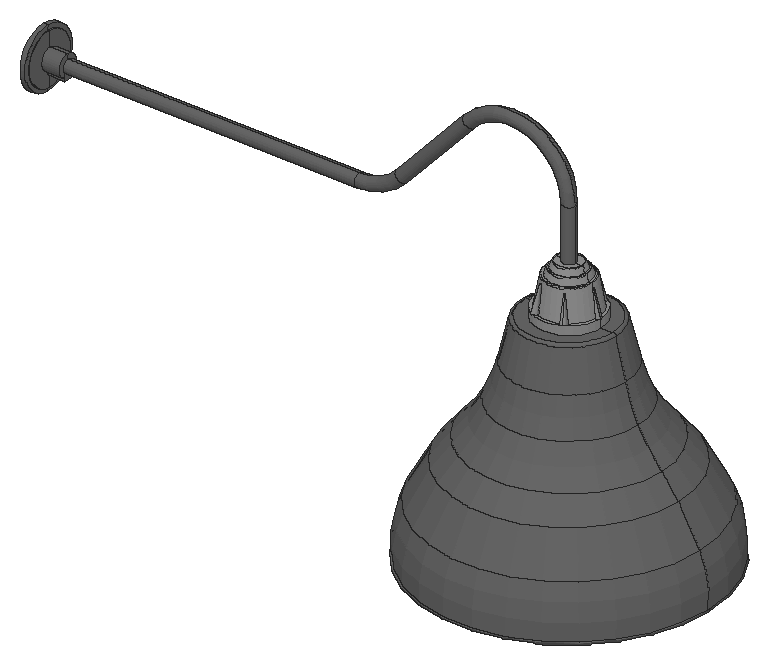
Revit family "Vintage Bistro BEU", category Lighting Fixtures, Revit 2020
Family settings
  Round Connector Dimension = Use Diameter
  Part Type = Normal
  OmniClass Number = 23.80.70.00
  OmniClass Title = Lighting
  Work Plane-Based = No
  Always vertical = Yes
  Cut with Voids When Loaded = No
  Light Source = Yes
  Shared = No
  Room Calculation Point = No
Parameters (values of type "BEU22")
  b = 0' - 3"
  a = 1' - 6"
  Weight = "7.2 lbs"
  Wattage Comments = "200W"
  Wattage = 9.2903 W
  Warranty = "5 year limited warranty"  # constant formula
  built-in parameter 1150110 = 1 (stored number, unit not read)
  Voltage = 120 V
  URL = "https://www.anplighting.com/assets/Uploads/product-attachments/specification-sheets/ANP-Specification-Sheet-INC-BEU22.pdf"
  built-in parameter 1114217 = 1 (stored number, unit not read)
  Tilt Angle = 90.00°
  built-in parameter 1150109 = 1 (stored number, unit not read)
  built-in parameter 1150134 = 3
  built-in parameter 1150113 = 1 (stored number, unit not read)
  Photometric Web File = "generic"
  built-in parameter 1150142 = (empty or 0)
  Mounting Option [instance] = 4
  Power Factor = 1
  Post Mount [instance] = Mounting Option = 5  # no
  Placement X axis side [instance] = if(Post Mount, 2' 2 15/32", if(Cord or Stem Mount, 0' 0", if(E36 20 inch, 1' 8 1/4", if(E 6 26 inch, 2' 2", if(E7 41 inch, 3' 5 1/4", 0' 1")))))  # 3' - 5 1/4"
  Model = "BEU22"
  Manufacturer = "ANP Lighting"  # constant formula
  built-in parameter 1150105 = 109.82 (stored number, unit not read)
  Lumens = 1380 lm
  built-in parameter 1150115 = 1 (stored number, unit not read)
  Load Classification = Lighting
  Light Source Height [instance] = 0' - 0"
  built-in parameter 1150137 = (empty or 0)
  built-in parameter 1150139 = (empty or 0)
  Light Elevation _2 [instance] = if(Post Mount, 0' 0.66142", if(E7 41 inch, 0' 0.66142", if(E36 20 inch, 0' 1.65748", if(E 6 26 inch, 0' 1.53543", if(Cord or Stem Mount, (0' 4.3622" + Cord Length), 0' 0")))))  # 0' - 0.66142"
  Light Elevation _1 [instance] = if(Post Mount, 0' 0", if(E7 41 inch, 0' 0", if(E36 20 inch, 0' 1", if(E 6 26 inch, 0' 0.87402", if(Cord or Stem Mount, (0' 3.66142" + Cord Length), 0' 0")))))  # 0' - 0"
  Light Elevation [instance] = if(Post Mount, 14' 0.5315", if(E7 41 inch, 0' 0", 0' 0"))  # 0' - 0"
  Life = "L70 50,000 hours"  # constant formula
  built-in parameter 1150112 = 1 (stored number, unit not read)
  built-in parameter 1150114 = 1 (stored number, unit not read)
  Lamp = "MB"
  built-in parameter 1150132 = (empty or 0)
  built-in parameter 1150102 = (empty or 0)
  built-in parameter 1150107 = 3200 (stored number, unit not read)
  built-in parameter 1150138 = (empty or 0)
  built-in parameter 1150106 = 1.0982 (stored number, unit not read)
  HUB = Putty
  Fixture Height = 1' - 8 7/8"
  Fixture Diameter = 1' - 10"
  Efficiency = "65-125 lumens per watt"  # constant formula
  built-in parameter 1150104 = 13.8 (stored number, unit not read)
  E7 41 inch [instance] = Mounting Option = 4  # yes
  E36 20 inch [instance] = Mounting Option = 3  # no
  E 6 26 inch [instance] = Mounting Option = 2  # no
  Dimming Lamp Color Temperature Shift = <None>
  Dimming = "1%"  # constant formula
  Description = "120-277 Voltage"  # constant formula
  Default Elevation = 0' - 0"
  Cord or Stem Mount [instance] = Mounting Option = 1  # no
  Cord Length option [instance] = 0
  Cord Length [instance] = if([2' Cord], 2' 0", if([4' Cord], 4' 0", if([8' Cord], 8' 0", if([10' Cord], 10' 0", if([6' Cord], 6' 0", 6' 0")))))  # 6' - 0"
  Construction Material = "Heavy Duty spun aluminum."  # constant formula
  Color Filter = 16777215
  Canopy Body = Copper Clay
  CRI = ">90"  # constant formula
  Body Material = Copper Clay
  Body Colour = "Spun aluminium"  # constant formula
  built-in parameter 1114218 = 1 (stored number, unit not read)
  BEU22 = yes
  BEU20 = no
  BEU18 = no
  BEU15 = no
  BEU13 = no
  built-in parameter 1150133 = 10 (stored number, unit not read)
  Apparent Load = 200 VA
  8' Cord [instance] = Cord Length option = 8  # no
  6' Cord [instance] = Cord Length option = 6  # no
  4' Cord [instance] = Cord Length option = 4  # no
  2' Cord [instance] = Cord Length option = 2  # no
  10' Cord [instance] = Cord Length option = 10  # no
Reference planes (in)
  plane 1 "Light Source Axis (F/B)": y = 0
  plane 2: z = 0
  plane 3 "Light Source Axis (L/R)": x = 0
  plane 4 "Light Source Elevation": z = 0
  plane 5: z = 0
  plane 6: x = 41.25
  plane 7 "Bulb Position": z = -0.66142
  plane 8 "Canopy Position": z = 0
  plane 9 "IES": z = -0.66142
  plane 10: z = 164.5315
  plane 11: z = -18
  plane 12: z = -15
  plane 13: z = -12.56887
Dimensions and locks (in)
  "Light Elevation": plane 5 to plane 2
  "Placement X axis side": plane 6 to plane 3 "Light Source Axis (L/R)"
  "Light Elevation _2": plane 5 to plane 7 "Bulb Position"
  "Light Elevation _1": plane 5 to plane 8 "Canopy Position"
  "Light Source Height": plane 7 "Bulb Position" to plane 9 "IES"
  plane 4 "Light Source Elevation" to plane 2 = 0' - 0"
  "a": plane 8 "Canopy Position" to plane 11
  "b": plane 12 to plane 11
  locked: plane 13 to plane 12 at 2.43113
  aligned and locked: level to plane 2
  aligned and locked: plane 1 "Light Source Axis (F/B)" to nested 5
  aligned and locked: nested 5 to plane 2
  aligned and locked: nested 1 to plane 3 "Light Source Axis (L/R)"
  aligned and locked: plane 3 "Light Source Axis (L/R)" to nested 2
  aligned and locked: plane 3 "Light Source Axis (L/R)" to nested 4
  aligned and locked: nested 3 to plane 5
  aligned and locked: plane 3 "Light Source Axis (L/R)" to nested 3
  aligned and locked: plane 3 "Light Source Axis (L/R)" to nested 5
  aligned and locked: plane 1 "Light Source Axis (F/B)" to nested 2
  aligned and locked: plane 1 "Light Source Axis (F/B)" to nested 1
  aligned and locked: plane 1 "Light Source Axis (F/B)" to nested 4
  aligned and locked: plane 1 "Light Source Axis (F/B)" to nested 3
  aligned and locked: plane 2 to nested 1
  aligned and locked: nested 2 to plane 2
  aligned and locked: nested 4 to plane 2
  aligned and locked: plane 6 to imposter light
  aligned and locked: imposter light to plane 12
  aligned and locked: plane 1 "Light Source Axis (F/B)" to nested 6
  aligned and locked: plane 6 to nested 6
  aligned and locked: plane 8 "Canopy Position" to nested 6
  aligned and locked: plane 1 "Light Source Axis (F/B)" to nested 7
  aligned and locked: plane 6 to nested 7
  aligned and locked: nested 7 to plane 8 "Canopy Position"
  aligned and locked: plane 1 "Light Source Axis (F/B)" to nested 8
  aligned and locked: plane 6 to nested 8
  aligned and locked: plane 8 "Canopy Position" to nested 8
  aligned and locked: plane 1 "Light Source Axis (F/B)" to nested 9
  aligned and locked: plane 1 "Light Source Axis (F/B)" to nested 10
  aligned and locked: plane 6 to nested 10
  aligned and locked: plane 8 "Canopy Position" to nested 10
  aligned and locked: plane 6 to nested 9
  aligned and locked: plane 8 "Canopy Position" to nested 9
Nested families (in)
  nested 1: "CORD OR STEM MOUNT" at (0, 0, -75.67), visible <- "Cord or Stem Mount", Cord or Stem Mount <- "Cord or Stem Mount", Body Material <- "Body Material", Light Elevation <- "Light Elevation", Cord Length <- "Cord Length", 10' Cord <- "10' Cord", 2' Cord <- "2' Cord", 4' Cord <- "4' Cord", 6' Cord <- "6' Cord", 8' Cord <- "8' Cord", type "CORD OR STEM MOUNT"
    with Light Elevation 0' - 0", Cord or Stem Mount no, Cord Length 6' - 0", Body Material Copper Clay, 8' Cord no, 6' Cord no, 4' Cord no, 2' Cord no, 10' Cord no
  nested 2: "E6 26 INCH" at (41.25, 0, 0), visible <- "E 6 26 inch", Chain Length <- "Cord Length", E 6 26 inch <- "E 6 26 inch", Placement X axis side <- "Placement X axis side", Body Material <- "Body Material", Light Elevation <- "Light Elevation", type "E6 26 INCH"
    with Placement X axis side 3' - 5 1/4", Light Elevation 0' - 0", E 6 26 inch no, Chain Length 6' - 0", Body Material Copper Clay
  nested 3: "E7 41 INCH" at (41.25, 0, 0), Chain Length <- "Cord Length", visible <- "E7 41 inch", E7 41 inch <- "E7 41 inch", Placement X axis side <- "Placement X axis side", Body Material <- "Body Material", Light Elevation <- "Light Elevation", type "E7 41 INCH"
    with Placement X axis side 3' - 5 1/4", Light Elevation 0' - 0", E7 41 inch yes, Chain Length 6' - 0", Body Material Copper Clay
  nested 4: "E36 20 INCH" at (41.25, 0, 0), visible <- "E36 20 inch", E36 20 inch <- "E36 20 inch", Placement X axis side <- "Placement X axis side", Chain Length <- "Cord Length", Body Material <- "Body Material", Light Elevation <- "Light Elevation", type "E36 20 INCH"
    with Placement X axis side 3' - 5 1/4", Light Elevation 0' - 0", E36 20 inch no, Chain Length 6' - 0", Body Material Copper Clay
  nested 5: "POST MOUNT" at (41.25, 0, 0), visible <- "Post Mount", Post Mount <- "Post Mount", Placement X axis side <- "Placement X axis side", Chain Length <- "Cord Length", Body Material <- "Body Material", Light Elevation <- "Light Elevation", type "POST MOUNT"
    with Post Mount no, Placement X axis side 3' - 5 1/4", Light Elevation 0' - 0", Chain Length 6' - 0", Body Material Copper Clay
  nested 6: "BEU13_1" at (41.25, 0, 0), BEU13 <- "BEU13", visible <- "BEU13", Body <- "Canopy Body", HUB <- "HUB", Light Elevation <- "Light Elevation", type "BEU13_1"
    with Light Elevation 0' - 0", HUB Putty, Body Copper Clay, BEU13 no
  nested 7: "BEU15_1" at (41.25, 0, 0), BEU15 <- "BEU15", visible <- "BEU15", Body <- "Canopy Body", HUB <- "HUB", Light Elevation <- "Light Elevation", type "BEU15_1"
    with Light Elevation 0' - 0", HUB Putty, Body Copper Clay, BEU15 no
  nested 8: "BEU18_1" at (41.25, 0, 0), Body <- "Canopy Body", HUB <- "HUB", visible <- "BEU18", BEU18 <- "BEU18", Light Elevation <- "Light Elevation", type "BEU18_1"
    with Light Elevation 0' - 0", HUB Putty, Body Copper Clay, BEU18 no
  nested 9: "BEU20_1" at (41.25, 0, 0), Body <- "Canopy Body", HUB <- "HUB", visible <- "BEU20", BEU20 <- "BEU20", Light Elevation <- "Light Elevation", type "BEU20_1"
    with Light Elevation 0' - 0", HUB Putty, Body Copper Clay, BEU20 no
  nested 10: "BEU22_1" at (41.25, 0, 0), BEU22 <- "BEU22", visible <- "BEU22", Body <- "Canopy Body", HUB <- "HUB", Light Elevation <- "Light Elevation", type "BEU22_1"
    with Light Elevation 0' - 0", HUB Putty, Body Copper Clay, BEU22 yes
Definition of nested family "E7 41 INCH"
  Parameters (values of type "E7 41 INCH")
    URL = ""
    Placement X axis side [instance] = 4' - 2"
    Model = ""
    Manufacturer = ""
    Light Elevation [instance] = 8' - 4"
    E7 41 inch [instance] = yes
    Default Elevation = 0' - 0"
    Chain Length [instance] = 0' - 0"
    Body Material [instance] = none
  Reference planes (in)
    plane 1 "Light Source Axis (F/B)": y = 0
    plane 2: z = 0
    plane 3 "Light Source Axis (L/R)": x = 0
    plane 4 "Light Source Elevation": z = 23.125
    plane 5: z = 100
    plane 6: x = -50
  Forms (in)
    Extrusion 1, void, not visible
      sketch origin (0, 0, 2.38154) x (1, 0, 0) y (0, 0, 1)
        loop
          circle (0, 4.59925) r 0.16583
      from 1.18594 to 1.75
    Extrusion 2, void, not visible
      sketch origin (0, 0, 2.38154) x (0.707107, -0.707107, 0) y (0, 0, 1)
        loop
          circle (0, 4.59925) r 0.16583
      from 1.18594 to 1.75
    Extrusion 3, void, not visible
      sketch origin (0, 0, 2.38154) x (0.707107, 0.707107, 0) y (0, 0, 1)
        loop
          circle (0, 4.59925) r 0.16583
      from 1.18594 to 1.75
    Extrusion 4, void, not visible
      sketch origin (0, 0, 2.38154) x (0, 1, 0) y (0, 0, 1)
        loop
          circle (0, 4.59925) r 0.16583
      from 1.18594 to 1.75
    Extrusion 5, void, not visible
      sketch origin (0, 0, 2.38154) x (-0.707107, 0.707107, 0) y (0, 0, 1)
        loop
          circle (0, 4.59925) r 0.16583
      from 1.18594 to 1.75
    Extrusion 6, void, not visible
      sketch origin (0, 0, 2.38154) x (-1, 0, 0) y (0, 0, 1)
        loop
          circle (0, 4.59925) r 0.20678
      from 1.18594 to 1.75
    Extrusion 7, void, not visible
      sketch origin (0, 0, 2.38154) x (-0.707107, -0.707107, 0) y (0, 0, 1)
        loop
          circle (0, 4.59925) r 0.16583
      from 1.18594 to 1.75
    Extrusion 8, void, not visible
      sketch origin (0, 0, 2.38154) x (0, -1, 0) y (0, 0, 1)
        loop
          circle (0, 4.59925) r 0.16583
      from 1.18594 to 1.75
    Revolve 9, solid, material <- "Body Material", visible <- "E7 41 inch"
      sketch origin (-41.25, 0, 168.39193) x (1, 0, 0) y (0, 0, 1)
        loop
          line (-8.75, -66.20443) -> (-8.75, -68.51693) -> (-6.87, -68.51693) -> (-6.87, -67.69272) -> (-8.2974, -67.69272) -> (-8.2974, -66.54122) -> (-8.41875, -66.54122) -> (-8.41875, -66.20443) -> (-8.75, -66.20443)
        axis (-8.75, -68.51693) -> (-6.87, -68.51693)
      angle from 0 to 360
    Extrusion 10, solid, material <- "Body Material", visible <- "E7 41 inch"
      sketch origin (-41.25, 0, 168.39193) x (0, -1, 0) y (0, 0, -1)
        loop
          line (0.25, 68.51693) -> (0.25, 69.51693) -> (-0.25, 69.51693) -> (-0.25, 68.51693) -> (0.25, 68.51693)
      from -8.2974 to -6.87
    Sweep 11, solid, material <- "Body Material", visible <- "E7 41 inch"
      path origin (-41.25, 0, 168.39193) x (1, 0, 0) y (0, 0, 1)
        loop
          line (-6.87, -68.51693) -> (16.04011, -68.51693)
          arc (16.04011, -68.51693) -> (17.864, -68.13651) -> (19.38375, -67.0587) r 4.5625
          line (19.38375, -67.0587) -> (24.70217, -61.33018)
          arc (24.70217, -61.33018) -> (29.64465, -60.20324) -> (32.5, -64.39193) r 4.5
          line (32.5, -64.39193) -> (32.5, -68.39193)
      profile origin (-36.66494, 0, 99.875) x (0, 0, 1) y (0, -1, 0)
        loop
          circle (0, 0) r 0.5
  Dimensions and locks (in)
    "Placement X axis side": plane 3 "Light Source Axis (L/R)" to plane 6
    "Light Elevation": plane 5 to plane 2
    locked: Revolve 9 sketch curve to Revolve 9 sketch curve at 0.33125
    locked: Revolve 9 sketch curve to Revolve 9 sketch curve at 0.4526
    locked: Revolve 9 sketch curve to Revolve 9 sketch curve at 1.88
    locked: Revolve 9 sketch curve to Revolve 9 sketch curve at 0.82421
    locked: Revolve 9 sketch curve to Revolve 9 sketch curve at 1.1515
    locked: Revolve 9 sketch curve to Revolve 9 sketch curve at 0.33679
    locked: plane 5 to Revolve 9 sketch curve at 0.125
    locked: Extrusion 10 sketch curve to Extrusion 10 sketch curve at 0.5
    locked: Extrusion 10 sketch curve to Extrusion 10 sketch curve at 1
    locked: plane 5 to Extrusion 10 sketch curve at 0.125
    locked: plane 5 to Sweep 11 sketch curve at 0.125
    locked: Sweep 11 sketch curve to Sweep 11 sketch curve at 39.37
    locked: Sweep 11 sketch curve to Sweep 11 sketch curve at 4
    locked: plane 6 to Extrusion 10 at 0.4526
    locked: Sweep 11 sketch curve to plane 6 at 1.88
    locked: Extrusion 10 to Extrusion 10 at 1.4274
    aligned and locked: plane 2 to level
    aligned and locked: Revolve 9 sketch curve to plane 6
  Automatic sketch dimensions
    Revolve 9 sketch curve to plane 5 = 0' - 0 1/8"
    plane 6 to Revolve 9 sketch curve = 0' - 0.62562"
    Revolve 9 sketch curve to Revolve 9 sketch curve = 0' - 0 1/2"
    plane 1 "Light Source Axis (F/B)" to Extrusion 10 sketch curve = 0' - 0 1/4"
    Sweep 11 sketch curve to plane 5 = 0' - 0"
    Sweep 11 sketch curve to Sweep 11 sketch curve = 0' - 4 1/2"
    Sweep 11 sketch curve to Sweep 11 sketch curve = 0' - 3.29783"
    plane 5 to Sweep 11 sketch curve = 0' - 1.33323"
    Sweep 11 sketch curve to Sweep 11 sketch curve = 0' - 5.31842"
    Sweep 11 sketch curve to Sweep 11 sketch curve = 0' - 3.34364"
    profile plane to Sweep 11 sketch curve = 0' - 0"
    Sweep 11 sketch curve to profile plane = 0' - 0"
    radius of Sweep 11 sketch curve = 0' - 0 1/2"
Definition of nested family "BEU22_1"
  Parameters (values of type "BEU22_1")
    Light Elevation [instance] = 4' - 0"
    HUB [instance] = none
    Default Elevation = 0' - 0"
    Body [instance] = none
    BEU22 [instance] = yes
  Reference planes (in)
    plane 1 "Center (Front/Back)": y = 0
    plane 2: z = 0
    plane 3 "Center (Left/Right)": x = 0
    plane 4: z = 48
  Dimensions and locks (in)
    "Light Elevation": plane 4 to plane 2
    aligned and locked: plane 2 to level
    aligned and locked: plane 1 "Center (Front/Back)" to nested 1
    aligned and locked: plane 3 "Center (Left/Right)" to nested 1
    aligned and locked: plane 4 to nested 1
  Nested families (in)
    nested 1: "BEU22" at (0, 0, 27.125), visible <- "BEU22", SHADE <- "Body", HUB <- "HUB", BEU22 <- "BEU22", type "BEU22"
      with SHADE none, HUB none
  Definition of nested family "BEU22"
    Parameters (values of type "BEU22")
      SHADE [instance] = none
      HUB [instance] = none
      Default Elevation = 0' - 0"
      BEU22 [instance] = yes
    Reference planes (in)
      plane 1 "Center (Front/Back)": y = 0
      plane 2: z = 0
      plane 3 "Center (Left/Right)": x = 0
      plane 4: z = 20.875
    Forms (in)
      Revolve 1, solid, material <- "HUB", visible <- "BEU22"
        sketch origin (0, 0, 14.67157) x (1, 0, 0) y (0, 0, 1)
          loop
            arc (-1.00347, 6.20343) -> (-1.02497, 6.19717) -> (-1.03973, 6.18034) r 0.04
            line (-1.03973, 6.18034) -> (-1.23654, 5.75827) -> (-1.36493, 5.75827)
            arc (-1.36493, 5.75827) -> (-1.38787, 5.75104) -> (-1.40252, 5.73195) r 0.04
            line (-1.40252, 5.73195) -> (-1.57165, 5.26726) -> (-1.77909, 5.26726)
            arc (-1.77909, 5.26726) -> (-1.80466, 5.25801) -> (-1.81841, 5.23455) r 0.04
            line (-1.81841, 5.23455) -> (-2.23412, 2.99256) -> (-2.5, 2.99256) -> (-2.5, 2.33461) -> (-2.28, 2.33461) -> (-2.28, 2.75048) -> (-2, 3.00048) -> (-1.6, 3.00048) -> (-1.33316, 4.89911)
            arc (-1.33316, 4.89911) -> (-1.24961, 5.053) -> (-1.0856, 5.11432) r 0.25
            line (-1.0856, 5.11432) -> (-0.28, 5.11432) -> (-0.28, 6.20343) -> (-1.00347, 6.20343)
          axis (0, 6.20343) -> (0, 2.33461)
        angle from 0 to 360
      Revolve 2, solid, material <- "HUB", visible <- "BEU22"
        sketch origin (0, 0, 14.67157) x (1, 0, 0) y (0, 0, 1)
          loop
            line (2.24058, 2.95773) -> (2.49108, 2.95773) -> (1.92916, 4.90696) -> (1.87916, 4.90696) -> (2.24058, 2.95773)
          axis (1.87916, 4.90696) -> (2.24891, 2.91282)
        angle from 0 to 360
      Revolve 3, solid, material <- "HUB", visible <- "BEU22"
        sketch origin (0, 0, 14.67157) x (-1, 0, 0) y (0, 0, 1)
          loop
            line (2.24058, 2.95773) -> (2.49108, 2.95773) -> (1.92916, 4.90696) -> (1.87916, 4.90696) -> (2.24058, 2.95773)
          axis (1.87916, 4.90696) -> (2.24891, 2.91282)
        angle from 0 to 360
      Revolve 4, solid, material <- "HUB", visible <- "BEU22"
        sketch origin (0, 0, 14.67157) x (0.5, 0.866025, 0) y (0, 0, 1)
          loop
            line (2.24058, 2.95773) -> (2.49108, 2.95773) -> (1.92916, 4.90696) -> (1.87916, 4.90696) -> (2.24058, 2.95773)
          axis (1.87916, 4.90696) -> (2.24891, 2.91282)
        angle from 0 to 360
      Revolve 5, solid, material <- "HUB", visible <- "BEU22"
        sketch origin (0, 0, 14.67157) x (-0.5, -0.866025, 0) y (0, 0, 1)
          loop
            line (2.24058, 2.95773) -> (2.49108, 2.95773) -> (1.92916, 4.90696) -> (1.87916, 4.90696) -> (2.24058, 2.95773)
          axis (1.87916, 4.90696) -> (2.24891, 2.91282)
        angle from 0 to 360
      Revolve 6, solid, material <- "HUB", visible <- "BEU22"
        sketch origin (0, 0, 14.67157) x (-0.5, 0.866025, 0) y (0, 0, 1)
          loop
            line (2.24058, 2.95773) -> (2.49108, 2.95773) -> (1.92916, 4.90696) -> (1.87916, 4.90696) -> (2.24058, 2.95773)
          axis (1.87916, 4.90696) -> (2.24891, 2.91282)
        angle from 0 to 360
      Revolve 7, solid, material <- "HUB", visible <- "BEU22"
        sketch origin (0, 0, 14.67157) x (0.5, -0.866025, 0) y (0, 0, 1)
          loop
            line (2.24058, 2.95773) -> (2.49108, 2.95773) -> (1.92916, 4.90696) -> (1.87916, 4.90696) -> (2.24058, 2.95773)
          axis (1.87916, 4.90696) -> (2.24891, 2.91282)
        angle from 0 to 360
      Revolve 8, solid, material <- "SHADE", visible <- "BEU22"
        sketch origin (0, 0, 0) x (1, 0, 0) y (0, 0, 1)
          loop
            line (-1.86742, 17.67) -> (-2, 17.67) -> (-2.25, 17.42) -> (-2.25, 17) -> (-3.44063, 17)
            arc (-3.44063, 17) -> (-3.59397, 16.94745) -> (-3.68285, 16.81188) r 0.25
            arc (-3.68285, 16.81188) -> (-4.05235, 15.34545) -> (-4.41264, 13.87504) r 231.05857
            arc (-4.41264, 13.87504) -> (-4.82664, 12.50229) -> (-5.39117, 11.18429) r 12.83403
            arc (-5.39117, 11.18429) -> (-6.23222, 9.79119) -> (-7.29085, 8.55531) r 9.86448
            arc (-7.29085, 8.55531) -> (-8.00704, 7.77097) -> (-8.63986, 6.91794) r 10.44425
            arc (-8.63986, 6.91794) -> (-9.51022, 5.49619) -> (-10.26987, 4.01233) r 21.89285
            arc (-10.26987, 4.01233) -> (-10.8558, 2.1301) -> (-10.92521, 0.16) r 7.41696
            arc (-10.92521, 0.16) -> (-10.99999, 0.07187) -> (-10.90947, 0) r 0.08043
            line (-10.90947, 0) -> (-10.81304, 0)
            arc (-10.81304, 0) -> (-10.77733, 2.03141) -> (-10.18486, 3.97482) r 7.32321
            arc (-10.18486, 3.97482) -> (-9.42846, 5.45232) -> (-8.56183, 6.86799) r 21.7991
            arc (-8.56183, 6.86799) -> (-7.93468, 7.71336) -> (-7.22492, 8.49067) r 10.3505
            arc (-7.22492, 8.49067) -> (-6.15623, 9.73829) -> (-5.3072, 11.14463) r 9.95823
            arc (-5.3072, 11.14463) -> (-4.73854, 12.47226) -> (-4.32152, 13.85503) r 12.92778
            arc (-4.32152, 13.85503) -> (-3.96157, 15.32405) -> (-3.59201, 16.79068) r 230.96482
            arc (-3.59201, 16.79068) -> (-3.53647, 16.87541) -> (-3.44063, 16.90825) r 0.15625
            line (-3.44063, 16.90825) -> (-2.15625, 16.90825) -> (-2.15625, 17.38117) -> (-1.86742, 17.67)
          axis (0, 17.67) -> (0, 0)
        angle from 0 to 360
    Dimensions and locks (in)
      aligned and locked: plane 2 to level
      aligned and locked: Revolve 1 to plane 4
Definition of nested family "CORD OR STEM MOUNT"
  Parameters (values of type "CORD OR STEM MOUNT")
    URL = ""
    Model = ""
    Manufacturer = ""
    Light Elevation [instance] = 1' - 7.69"
    Default Elevation = 0' - 0"
    Cord or Stem Mount [instance] = yes
    Cord Length [instance] = 6' - 0"
    Body Material [instance] = none
    8' Cord [instance] = no
    6' Cord [instance] = no
    4' Cord [instance] = no
    2' Cord [instance] = no
    10' Cord [instance] = no
  Reference planes (in)
    plane 1 "Light Source Axis (F/B)": y = 0
    plane 2: z = 0
    plane 3 "Light Source Axis (L/R)": x = 0
    plane 4 "Light Source Elevation": z = 23.125
    plane 5: z = 91.69
    plane 6: z = 19.69
  Forms (in)
    Extrusion 1, void, not visible
      sketch origin (0, 0, 2.38154) x (1, 0, 0) y (0, 0, 1)
        loop
          circle (0, 4.59925) r 0.16583
      from 1.18594 to 1.75
    Extrusion 2, void, not visible
      sketch origin (0, 0, 2.38154) x (0.707107, -0.707107, 0) y (0, 0, 1)
        loop
          circle (0, 4.59925) r 0.16583
      from 1.18594 to 1.75
    Extrusion 3, void, not visible
      sketch origin (0, 0, 2.38154) x (0.707107, 0.707107, 0) y (0, 0, 1)
        loop
          circle (0, 4.59925) r 0.16583
      from 1.18594 to 1.75
    Extrusion 4, void, not visible
      sketch origin (0, 0, 2.38154) x (0, 1, 0) y (0, 0, 1)
        loop
          circle (0, 4.59925) r 0.16583
      from 1.18594 to 1.75
    Extrusion 5, void, not visible
      sketch origin (0, 0, 2.38154) x (-0.707107, 0.707107, 0) y (0, 0, 1)
        loop
          circle (0, 4.59925) r 0.16583
      from 1.18594 to 1.75
    Extrusion 6, void, not visible
      sketch origin (0, 0, 2.38154) x (-1, 0, 0) y (0, 0, 1)
        loop
          circle (0, 4.59925) r 0.20678
      from 1.18594 to 1.75
    Extrusion 7, void, not visible
      sketch origin (0, 0, 2.38154) x (-0.707107, -0.707107, 0) y (0, 0, 1)
        loop
          circle (0, 4.59925) r 0.16583
      from 1.18594 to 1.75
    Extrusion 8, void, not visible
      sketch origin (0, 0, 2.38154) x (0, -1, 0) y (0, 0, 1)
        loop
          circle (0, 4.59925) r 0.16583
      from 1.18594 to 1.75
    Revolve 9, solid, material <- "Body Material", visible <- "Cord or Stem Mount"
      sketch origin (0, 0, 174.56698) x (1, 0, 0) y (0, 0, 1)
        loop
          line (2.6875, -79.20698) -> (0, -79.20698) -> (0, -82.87698) -> (0.125, -82.87698) -> (0.125, -82.83698) -> (0.75, -82.83698)
          arc (0.75, -82.83698) -> (0.81694, -82.77004) -> (0.75, -82.7031) r 0.06694
          line (0.75, -82.7031) -> (0.89763, -82.7031) -> (1.00223, -82.5985) -> (1.06587, -82.5985)
          arc (1.06587, -82.5985) -> (1.80099, -82.29401) -> (2.10549, -81.55888) r 1.03962
          line (2.10549, -81.55888) -> (2.10549, -81.03899)
          arc (2.10549, -81.03899) -> (2.12951, -80.981) -> (2.1875, -80.95698) r 0.08201
          line (2.1875, -80.95698) -> (2.1875, -80.70698) -> (2.6875, -80.70698) -> (2.6875, -79.20698)
        axis (0, -79.20698) -> (0, -82.87698)
      angle from 0 to 360
    Revolve 10, solid, material <- "Body Material", visible <- "Cord or Stem Mount"
      sketch origin (0, 0, 0) x (1, 0, 0) y (0, 0, 1)
        loop
          line (0, 91.69) -> (-0.125, 91.69) -> (-0.125, 19.69) -> (0, 19.69) -> (0, 91.69)
        axis (0, 19.69) -> (0, 91.69)
      angle from 0 to 360
  Dimensions and locks (in)
    "Light Elevation": plane 6 to plane 2
    "Cord Length": plane 5 to plane 6
    locked: Revolve 10 sketch curve to Revolve 10 sketch curve at 0.125
    aligned and locked: level to plane 2
    aligned and locked: Revolve 10 sketch curve to plane 3 "Light Source Axis (L/R)"
    aligned and locked: Revolve 10 sketch curve to plane 6
    aligned and locked: Revolve 10 sketch curve to plane 5
    aligned and locked: plane 3 "Light Source Axis (L/R)" to Revolve 10 sketch curve
  Automatic sketch dimensions
    Revolve 9 sketch curve to plane 3 "Light Source Axis (L/R)" = 0' - 0"  (x2)
    Revolve 9 sketch curve to plane 5 = 0' - 0"
    plane 3 "Light Source Axis (L/R)" to Revolve 9 sketch curve = 0' - 0 1/8"
    Revolve 9 sketch curve to plane 5 = 0' - 0.17388"
    Revolve 9 sketch curve to Revolve 9 sketch curve = 0' - 0 5/8"
    Revolve 9 sketch curve to Revolve 9 sketch curve = 0' - 0.14763"
    Revolve 9 sketch curve to plane 5 = 0' - 0.27847"
    Revolve 9 sketch curve to Revolve 9 sketch curve = 0' - 0.1046"
    Revolve 9 sketch curve to Revolve 9 sketch curve = 0' - 0.06364"
    Revolve 9 sketch curve to Revolve 9 sketch curve = 0' - 1.03962"
    Revolve 9 sketch curve to Revolve 9 sketch curve = 0' - 0 21/256"
    Revolve 9 sketch curve to Revolve 9 sketch curve = 0' - 0 1/2"  (x2)
    Revolve 9 sketch curve to Revolve 9 sketch curve = 0' - 0.51989"
    Revolve 9 sketch curve to Revolve 9 sketch curve = 0' - 0 1/4"
    Revolve 9 sketch curve to Revolve 9 sketch curve = 0' - 2.3519"
    Revolve 9 sketch curve to Revolve 9 sketch curve = 0' - 1 1/4"
    Revolve 9 sketch curve to Revolve 9 sketch curve = 0' - 0.04"
    Revolve 10 sketch curve to Revolve 10 sketch curve = 0' - 0 1/2"
    Revolve 10 sketch curve to Revolve 10 sketch curve = 0' - 0.42345"
Definition of nested family "E6 26 INCH"
  Parameters (values of type "E6 26 INCH")
    URL = ""
    Placement X axis side [instance] = 2' - 2"
    Model = ""
    Manufacturer = ""
    Light Elevation [instance] = 8' - 4"
    E 6 26 inch [instance] = yes
    Default Elevation = 0' - 0"
    Chain Length [instance] = 0' - 0"
    Body Material [instance] = none
  Reference planes (in)
    plane 1 "Light Source Axis (F/B)": y = 0
    plane 2: z = 0
    plane 3 "Light Source Axis (L/R)": x = 0
    plane 4 "Light Source Elevation": z = 23.125
    plane 5: z = 100
    plane 6: x = -26
    plane 7: z = 99.125
    plane 8: x = -24.12
    plane 9: x = -25.5474
  Forms (in)
    Extrusion 1, void, not visible
      sketch origin (0, 0, 2.38154) x (1, 0, 0) y (0, 0, 1)
        loop
          circle (0, 4.59925) r 0.16583
      from 1.18594 to 1.75
    Extrusion 2, void, not visible
      sketch origin (0, 0, 2.38154) x (0.707107, -0.707107, 0) y (0, 0, 1)
        loop
          circle (0, 4.59925) r 0.16583
      from 1.18594 to 1.75
    Extrusion 3, void, not visible
      sketch origin (0, 0, 2.38154) x (0.707107, 0.707107, 0) y (0, 0, 1)
        loop
          circle (0, 4.59925) r 0.16583
      from 1.18594 to 1.75
    Extrusion 4, void, not visible
      sketch origin (0, 0, 2.38154) x (0, 1, 0) y (0, 0, 1)
        loop
          circle (0, 4.59925) r 0.16583
      from 1.18594 to 1.75
    Extrusion 5, void, not visible
      sketch origin (0, 0, 2.38154) x (-0.707107, 0.707107, 0) y (0, 0, 1)
        loop
          circle (0, 4.59925) r 0.16583
      from 1.18594 to 1.75
    Extrusion 6, void, not visible
      sketch origin (0, 0, 2.38154) x (-1, 0, 0) y (0, 0, 1)
        loop
          circle (0, 4.59925) r 0.20678
      from 1.18594 to 1.75
    Extrusion 7, void, not visible
      sketch origin (0, 0, 2.38154) x (-0.707107, -0.707107, 0) y (0, 0, 1)
        loop
          circle (0, 4.59925) r 0.16583
      from 1.18594 to 1.75
    Extrusion 8, void, not visible
      sketch origin (0, 0, 2.38154) x (0, -1, 0) y (0, 0, 1)
        loop
          circle (0, 4.59925) r 0.16583
      from 1.18594 to 1.75
    Sweep 9, solid, material <- "Body Material", visible <- "E 6 26 inch"
      path origin (-41.25, 0, 168.51693) x (1, 0, 0) y (0, 0, 1)
        loop
          line (17.13, -68.51693) -> (27.68551, -68.51693)
          arc (27.68551, -68.51693) -> (28.47996, -68.34486) -> (29.13202, -67.8595) r 1.92004
          line (29.13202, -67.8595) -> (34.23651, -62.01155)
          arc (34.23651, -62.01155) -> (38.65464, -60.89667) -> (41.25, -64.64193) r 4
          line (41.25, -64.64193) -> (41.25, -69.39193)
      profile origin (-18.84224, 0, 100) x (0, 0, 1) y (0, -1, 0)
        loop
          circle (0, 0) r 0.5
    Revolve 10, solid, material <- "Body Material", visible <- "E 6 26 inch"
      sketch origin (-26, 0, 168.51693) x (1, 0, 0) y (0, 0, 1)
        loop
          line (0, -66.07943) -> (0, -68.51693) -> (1.88, -68.51693) -> (1.88, -67.69272) -> (0.4526, -67.69272) -> (0.4526, -66.54122) -> (0.33125, -66.54122) -> (0.33125, -66.07943) -> (0, -66.07943)
        axis (0, -68.51693) -> (1.88, -68.51693)
      angle from 0 to 360
    Extrusion 11, solid, material <- "Body Material", visible <- "E 6 26 inch"
      sketch origin (-26, 0, 168.51693) x (0, -1, 0) y (0, 0, -1)
        loop
          line (0.25, 68.51693) -> (0.25, 69.51693) -> (-0.25, 69.51693) -> (-0.25, 68.51693) -> (0.25, 68.51693)
      from 0.4526 to 1.88
  Cuts and joins
    joined: Revolve 10, Extrusion 11
  Dimensions and locks (in)
    "Light Elevation": plane 5 to plane 2
    "Placement X axis side": plane 3 "Light Source Axis (L/R)" to plane 6
    locked: plane 5 to plane 7 at 0.875
    Revolve 10 sketch curve to Revolve 10 sketch curve to Revolve 10 sketch curve to plane 6 = 0' - 1.4274" locked, 0' - 0.12135" locked, 0' - 0.33125" locked
    Revolve 10 sketch curve to Revolve 10 sketch curve to Revolve 10 sketch curve to plane 5 = 0' - 0.46179" locked, 0' - 1.1515" locked, 0' - 0 211/256" locked
    locked: Sweep 9 sketch curve to plane 6 at 1.88
    locked: Sweep 9 sketch curve to Sweep 9 sketch curve at 10.55551
    locked: Sweep 9 sketch curve to Sweep 9 sketch curve at 13.56449
    locked: Sweep 9 sketch curve to Sweep 9 sketch curve at 4.75
    locked: plane 9 to plane 6 at 0.4526
    locked: plane 8 to plane 9 at 1.4274
    aligned and locked: level to plane 2
    aligned and locked: Revolve 10 sketch curve to plane 6
    aligned and locked: plane 5 to Revolve 10 sketch curve
    aligned and locked: Revolve 10 sketch curve to plane 5
    aligned and locked: cut or joined group of Revolve 10, Extrusion 11 to plane 9
    aligned and locked: plane 8 to cut or joined group of Revolve 10, Extrusion 11
  Automatic sketch dimensions
    Sweep 9 sketch curve to plane 5 = 0' - 0"
    Sweep 9 sketch curve to Sweep 9 sketch curve = 0' - 4"
    Sweep 9 sketch curve to Sweep 9 sketch curve = 0' - 3.01349"
    plane 5 to Sweep 9 sketch curve = 0' - 0.65743"
    Sweep 9 sketch curve to Sweep 9 sketch curve = 0' - 1.4465"
    Sweep 9 sketch curve to plane 5 = 0' - 0 7/8"
    profile plane to Sweep 9 sketch curve = 0' - 0"
    Sweep 9 sketch curve to profile plane = 0' - 0"
    plane 6 to Revolve 10 sketch curve = 0' - 0.62562"
    Revolve 10 sketch curve to Revolve 10 sketch curve = 0' - 0 1/2"
    Extrusion 11 sketch curve to plane 5 = 0' - 0"
    plane 1 "Light Source Axis (F/B)" to Extrusion 11 sketch curve = 0' - 0 1/4"
    Extrusion 11 sketch curve to plane 1 "Light Source Axis (F/B)" = 0' - 0 1/4"
    plane 5 to Extrusion 11 sketch curve = 0' - 1"
    radius of Sweep 9 sketch curve = 0' - 0 1/2"
Definition of nested family "E36 20 INCH"
  Parameters (values of type "E36 20 INCH")
    URL = ""
    Placement X axis side [instance] = 1' - 8 1/4"
    Model = ""
    Manufacturer = ""
    Light Elevation [instance] = 8' - 4"
    E36 20 inch [instance] = yes
    Default Elevation = 0' - 0"
    Chain Length [instance] = 0' - 0"
    Body Material [instance] = none
  Reference planes (in)
    plane 1 "Light Source Axis (F/B)": y = 0
    plane 2: z = 0
    plane 3 "Light Source Axis (L/R)": x = 0
    plane 4 "Light Source Elevation": z = 23.125
    plane 5: z = 99
    plane 6: x = -20.25
    plane 7: z = 100
    plane 8: x = -18.37008
    plane 9: x = -19.79724
  Forms (in)
    Extrusion 1, void, not visible
      sketch origin (0, 0, 2.38154) x (1, 0, 0) y (0, 0, 1)
        loop
          circle (0, 4.59925) r 0.16583
      from 1.18594 to 1.75
    Extrusion 2, void, not visible
      sketch origin (0, 0, 2.38154) x (0.707107, -0.707107, 0) y (0, 0, 1)
        loop
          circle (0, 4.59925) r 0.16583
      from 1.18594 to 1.75
    Extrusion 3, void, not visible
      sketch origin (0, 0, 2.38154) x (0.707107, 0.707107, 0) y (0, 0, 1)
        loop
          circle (0, 4.59925) r 0.16583
      from 1.18594 to 1.75
    Extrusion 4, void, not visible
      sketch origin (0, 0, 2.38154) x (0, 1, 0) y (0, 0, 1)
        loop
          circle (0, 4.59925) r 0.16583
      from 1.18594 to 1.75
    Extrusion 5, void, not visible
      sketch origin (0, 0, 2.38154) x (-0.707107, 0.707107, 0) y (0, 0, 1)
        loop
          circle (0, 4.59925) r 0.16583
      from 1.18594 to 1.75
    Extrusion 6, void, not visible
      sketch origin (0, 0, 2.38154) x (-1, 0, 0) y (0, 0, 1)
        loop
          circle (0, 4.59925) r 0.20678
      from 1.18594 to 1.75
    Extrusion 7, void, not visible
      sketch origin (0, 0, 2.38154) x (-0.707107, -0.707107, 0) y (0, 0, 1)
        loop
          circle (0, 4.59925) r 0.16583
      from 1.18594 to 1.75
    Extrusion 8, void, not visible
      sketch origin (0, 0, 2.38154) x (0, -1, 0) y (0, 0, 1)
        loop
          circle (0, 4.59925) r 0.16583
      from 1.18594 to 1.75
    Sweep 9, solid, material <- "Body Material", visible <- "E36 20 inch"
      path origin (-41.25, 0, 169.51693) x (1, 0, 0) y (0, 0, 1)
        loop
          line (22.88, -69.51693) -> (28.93827, -69.51693)
          arc (28.93827, -69.51693) -> (29.97705, -69.28152) -> (30.81284, -68.62128) r 2.40953
          line (30.81284, -68.62128) -> (34.13807, -64.50378)
          arc (34.13807, -64.50378) -> (38.58272, -63.24548) -> (41.25, -67.01693) r 4
          line (41.25, -67.01693) -> (41.25, -70.51693)
      profile origin (-15.34086, 0, 100) x (0, 0, 1) y (0, -1, 0)
        loop
          circle (0, 0) r 0.5
    Revolve 10, solid, material <- "Body Material", visible <- "E36 20 inch"
      sketch origin (-20.25, 0, 169.51693) x (1, 0, 0) y (0, 0, 1)
        loop
          line (0, -67.20443) -> (0, -69.51693) -> (1.88, -69.51693) -> (1.88, -68.69272) -> (0.4526, -68.69272) -> (0.4526, -67.54122) -> (0.33125, -67.54122) -> (0.33125, -67.20443) -> (0, -67.20443)
        axis (0, -69.51693) -> (1.88, -69.51693)
      angle from 0 to 360
    Extrusion 11, solid, material <- "Body Material", visible <- "E36 20 inch"
      sketch origin (-20.25, 0, 169.51693) x (0, -1, 0) y (0, 0, -1)
        loop
          line (0.25, 69.51693) -> (0.25, 70.51693) -> (-0.25, 70.51693) -> (-0.25, 69.51693) -> (0.25, 69.51693)
      from 1.87992 to 0.45276
  Cuts and joins
    joined: Revolve 10, Extrusion 11
  Dimensions and locks (in)
    "Light Elevation": plane 7 to plane 2
    "Placement X axis side": plane 3 "Light Source Axis (L/R)" to plane 6
    locked: plane 7 to plane 5 at 1
    Revolve 10 sketch curve to Revolve 10 sketch curve to Revolve 10 sketch curve to plane 7 = 0' - 0.33679" locked, 0' - 1.1515" locked, 0' - 0 211/256" locked
    locked: Sweep 9 sketch curve to plane 6 at 1.88
    locked: Sweep 9 sketch curve to Sweep 9 sketch curve at 6.05827
    locked: Sweep 9 sketch curve to Sweep 9 sketch curve at 12.31173
    locked: Sweep 9 sketch curve to Sweep 9 sketch curve at 3.5
    Revolve 10 sketch curve to Revolve 10 sketch curve to Revolve 10 sketch curve to plane 6 = 0' - 1.4274" locked, 0' - 0.12135" locked, 0' - 0.33125" locked
    locked: plane 9 to plane 6 at 0.45276
    locked: plane 8 to plane 9 at 1.42717
    aligned and locked: level to plane 2
    aligned and locked: plane 7 to Revolve 10 sketch curve
    aligned and locked: Revolve 10 sketch curve to plane 7
    aligned and locked: Revolve 10 sketch curve to plane 6
    aligned and locked: cut or joined group of Revolve 10, Extrusion 11 to plane 9
    aligned and locked: plane 8 to cut or joined group of Revolve 10, Extrusion 11
  Automatic sketch dimensions
    Sweep 9 sketch curve to plane 7 = 0' - 0"
    Sweep 9 sketch curve to plane 5 = 0' - 0"
    Sweep 9 sketch curve to Sweep 9 sketch curve = 0' - 4"
    Sweep 9 sketch curve to plane 7 = 0' - 0.89565"
    Sweep 9 sketch curve to Sweep 9 sketch curve = 0' - 3.32523"
    Sweep 9 sketch curve to Sweep 9 sketch curve = 0' - 1.87457"
    profile plane to Sweep 9 sketch curve = 0' - 0"
    Sweep 9 sketch curve to profile plane = 0' - 0"
    plane 6 to Revolve 10 sketch curve = 0' - 0.62562"
    Revolve 10 sketch curve to Revolve 10 sketch curve = 0' - 0 1/2"
    plane 7 to Extrusion 11 sketch curve = 0' - 0"
    Extrusion 11 sketch curve to plane 5 = 0' - 0"
    plane 1 "Light Source Axis (F/B)" to Extrusion 11 sketch curve = 0' - 0 1/4"
    Extrusion 11 sketch curve to plane 1 "Light Source Axis (F/B)" = 0' - 0 1/4"
    radius of Sweep 9 sketch curve = 0' - 0 1/2"
Definition of nested family "POST MOUNT"
  Parameters (values of type "POST MOUNT")
    URL = ""
    Post Mount [instance] = yes
    Placement X axis side [instance] = 2' - 2 1/2"
    Model = ""
    Manufacturer = ""
    Light Elevation [instance] = 14' - 0.5168"
    Default Elevation = 0' - 0"
    Chain Length [instance] = 0' - 0"
    Body Material [instance] = none
  Reference planes (in)
    plane 1 "Light Source Axis (F/B)": y = 0
    plane 2: z = 0
    plane 3 "Light Source Axis (L/R)": x = 0
    plane 4 "Light Source Elevation": z = 23.125
    plane 5: x = -26.5
    plane 6: z = 168.5168
  Forms (in)
    Extrusion 1, void, not visible
      sketch origin (0, 0, 2.38154) x (1, 0, 0) y (0, 0, 1)
        loop
          circle (0, 4.59925) r 0.16583
      from 1.18594 to 1.75
    Extrusion 2, void, not visible
      sketch origin (0, 0, 2.38154) x (0.707107, -0.707107, 0) y (0, 0, 1)
        loop
          circle (0, 4.59925) r 0.16583
      from 1.18594 to 1.75
    Extrusion 3, void, not visible
      sketch origin (0, 0, 2.38154) x (0.707107, 0.707107, 0) y (0, 0, 1)
        loop
          circle (0, 4.59925) r 0.16583
      from 1.18594 to 1.75
    Extrusion 4, void, not visible
      sketch origin (0, 0, 2.38154) x (0, 1, 0) y (0, 0, 1)
        loop
          circle (0, 4.59925) r 0.16583
      from 1.18594 to 1.75
    Extrusion 5, void, not visible
      sketch origin (0, 0, 2.38154) x (-0.707107, 0.707107, 0) y (0, 0, 1)
        loop
          circle (0, 4.59925) r 0.16583
      from 1.18594 to 1.75
    Extrusion 6, void, not visible
      sketch origin (0, 0, 2.38154) x (-1, 0, 0) y (0, 0, 1)
        loop
          circle (0, 4.59925) r 0.20678
      from 1.18594 to 1.75
    Extrusion 7, void, not visible
      sketch origin (0, 0, 2.38154) x (-0.707107, -0.707107, 0) y (0, 0, 1)
        loop
          circle (0, 4.59925) r 0.16583
      from 1.18594 to 1.75
    Extrusion 8, void, not visible
      sketch origin (0, 0, 2.38154) x (0, -1, 0) y (0, 0, 1)
        loop
          circle (0, 4.59925) r 0.16583
      from 1.18594 to 1.75
    Revolve 9, solid, material <- "Body Material", visible <- "Post Mount"
      sketch origin (-7.90508, 0, 0) x (1, 0, 0) y (0, 0, 1)
        loop
          line (-18.59492, 3.92912) -> (-16.29831, 3.92912) -> (-16.29831, 4.2668) -> (-16.91413, 4.2668) -> (-16.91413, 134.5168) -> (-17.16413, 134.5168) -> (-17.16413, 137.3918) -> (-17.05979, 137.3918)
          arc (-17.05979, 137.3918) -> (-16.93479, 137.5168) -> (-17.05979, 137.6418) r 0.125
          line (-17.05979, 137.6418) -> (-17.48032, 137.6418) -> (-17.48032, 139.0793) -> (-17.73032, 139.0793) -> (-17.73032, 139.5793) -> (-18.59492, 139.5793) -> (-18.59492, 3.92912)
        axis (-18.59492, 139.5793) -> (-18.59492, 3.92912)
      angle from 0 to 360
    Extrusion 10, solid, material <- "Body Material", visible <- "Post Mount"
      sketch origin (0, 0, 0) x (1, 0, 0) y (0, 1, 0)
        loop
          line (-20.5, 5.93079) -> (-32.5, 5.93079) -> (-32.5, -6.06921) -> (-20.5, -6.06921) -> (-20.5, 5.93079)
      from 0 to 3.92912
    Sweep 11, solid, material <- "Body Material", visible <- "Post Mount"
      path origin (0, 0, 48.5) x (1, 0, 0) y (0, 0, 1)
        loop
          line (0, 120.0168) -> (0, 128.0168)
          arc (0, 128.0168) -> (-13.25, 141.2668) -> (-26.5, 128.0168) r 13.25
          line (-26.5, 128.0168) -> (-26.5, 91.0793)
      profile origin (0, 0, 172.5168) x (-1, 0, 0) y (0, -1, 0)
        loop
          circle (0, 0) r 0.5
    Revolve 12, solid, material <- "Body Material", visible <- "Post Mount"
      sketch origin (0, 0, 0) x (1, 0, 0) y (0, 0, 1)
        loop
          line (0, 168.5168) -> (0.75, 168.5168) -> (0.75, 170.7668) -> (0, 170.7668) -> (0, 168.5168)
        axis (0, 170.7668) -> (0, 168.5168)
      angle from 0 to 360
  Cuts and joins
    joined: Revolve 9, Extrusion 10, Sweep 11, Revolve 12
  Dimensions and locks (in)
    "Placement X axis side": plane 3 "Light Source Axis (L/R)" to plane 5
    "Light Elevation": plane 6 to plane 2
    locked: Revolve 12 sketch curve to plane 5 at 26.5  (x2)
    locked: Revolve 9 sketch curve to plane 2 at 3.92912
    locked: Revolve 9 sketch curve to plane 5 at 2.29661
    locked: Revolve 9 sketch curve to plane 5 at 1.68079
    locked: Revolve 9 sketch curve to plane 5 at 1.43079
    locked: Revolve 9 sketch curve to plane 5 at 1.11461
    locked: Revolve 9 sketch curve to plane 5 at 0.86461
    locked: Revolve 9 sketch curve to Revolve 9 sketch curve at 130.58768
    locked: Revolve 9 sketch curve to Revolve 9 sketch curve at 2.875
    locked: Revolve 9 sketch curve to Revolve 9 sketch curve at 0.25
    locked: Revolve 9 sketch curve to Revolve 9 sketch curve at 1.4375
    locked: Revolve 9 sketch curve to Revolve 9 sketch curve at 0.5
    locked: Sweep 11 sketch curve to Sweep 11 sketch curve at 26.5
    locked: Revolve 12 sketch curve to Revolve 12 sketch curve at 0.75
    locked: cut or joined group of Revolve 9, Extrusion 10, Sweep 11, Revolve 12 to plane 2 at 139.5793
    aligned and locked: level to plane 2
    aligned and locked: plane 5 to Sweep 11 sketch curve
    aligned and locked: Revolve 9 sketch curve to plane 5
  Automatic sketch dimensions
    Revolve 9 sketch curve to plane 5 = 0' - 0"
    Revolve 9 sketch curve to Revolve 9 sketch curve = 0' - 0.10434"
    Revolve 9 sketch curve to Revolve 9 sketch curve = 0' - 0.33768"
    Revolve 9 sketch curve to Revolve 9 sketch curve = 0' - 0 1/4"
    Revolve 9 sketch curve to Revolve 9 sketch curve = 0' - 0 7/16"
    Extrusion 10 sketch curve to plane 5 = 0' - 6"
    plane 5 to Extrusion 10 sketch curve = 0' - 6"
    plane 1 "Light Source Axis (F/B)" to Extrusion 10 sketch curve = 0' - 6.06921"
    Extrusion 10 sketch curve to plane 1 "Light Source Axis (F/B)" = 0' - 5.93079"
    Sweep 11 sketch curve to profile plane = 0' - 0"
    profile plane to Sweep 11 sketch curve = 0' - 0"
    Sweep 11 sketch curve to plane 6 = 0' - 0"
    Sweep 11 sketch curve to plane 6 = 0' - 8"
    plane 6 to Sweep 11 sketch curve = 2' - 4 15/16"
    Revolve 12 sketch curve to plane 6 = 0' - 0"
    Revolve 12 sketch curve to plane 6 = 0' - 2 1/4"
    Revolve 12 sketch curve to Revolve 12 sketch curve = 0' - 0 1/2"
    Revolve 12 sketch curve to Revolve 12 sketch curve = 0' - 0"
    radius of Sweep 11 sketch curve = 0' - 0 1/2"
Definition of nested family "BEU13_1"
  Parameters (values of type "BEU13_1")
    Light Elevation [instance] = 7' - 0"
    HUB [instance] = none
    Default Elevation = 0' - 0"
    Body [instance] = none
    BEU13 [instance] = yes
  Reference planes (in)
    plane 1 "Center (Front/Back)": y = 0
    plane 2: z = 0
    plane 3 "Center (Left/Right)": x = 0
    plane 4: z = 84
  Dimensions and locks (in)
    "Light Elevation": plane 4 to plane 2
    aligned and locked: plane 2 to level
    aligned and locked: plane 1 "Center (Front/Back)" to nested 1
    aligned and locked: plane 3 "Center (Left/Right)" to nested 1
    aligned and locked: plane 4 to nested 1
  Nested families (in)
    nested 1: "BEU13" at (0, 0, 69.25), visible <- "BEU13", SHADE <- "Body", HUB <- "HUB", BEU13 <- "BEU13", type "BEU13"
      with SHADE none, HUB none
  Definition of nested family "BEU13"
    Parameters (values of type "BEU13")
      SHADE [instance] = none
      HUB [instance] = none
      Default Elevation = 0' - 0"
      BEU13 [instance] = yes
    Reference planes (in)
      plane 1 "Center (Front/Back)": y = 0
      plane 2: z = 0
      plane 3 "Center (Left/Right)": x = 0
      plane 4: z = 14.75
    Forms (in)
      Revolve 1, solid, material <- "SHADE", visible <- "BEU13"
        sketch origin (0, 0, 0) x (1, 0, 0) y (0, 0, 1)
          loop
            line (-1.86742, 12) -> (-2, 12) -> (-2.25, 11.75) -> (-2.25, 11.33) -> (-2.625, 11.33)
            arc (-2.625, 11.33) -> (-3.07164, 8.57431) -> (-4.55969, 6.21231) r 7
            arc (-4.55969, 6.21231) -> (-5.99684, 3.98097) -> (-6.5, 1.375) r 7
            line (-6.5, 1.375) -> (-6.5, 0.25)
            arc (-6.5, 0.25) -> (-6.625, 0.125) -> (-6.5, 0) r 0.125
            line (-6.5, 0) -> (-6.40625, 0) -> (-6.40625, 1.375)
            arc (-6.40625, 1.375) -> (-5.90983, 3.94607) -> (-4.49193, 6.14752) r 6.90625
            arc (-4.49193, 6.14752) -> (-3.00136, 8.49559) -> (-2.52809, 11.23625) r 7.09375
            line (-2.52809, 11.23625) -> (-2.15625, 11.23625) -> (-2.15625, 11.71117) -> (-1.86742, 12)
          axis (0, 12) -> (0, 0)
        angle from 0 to 360
      Revolve 2, solid, material <- "HUB", visible <- "BEU13"
        sketch origin (0, 0, 9.00535) x (1, 0, 0) y (0, 0, 1)
          loop
            arc (-1.21741, 5.74465) -> (-1.2389, 5.73839) -> (-1.25366, 5.72156) r 0.04
            line (-1.25366, 5.72156) -> (-1.3986, 5.41073) -> (-1.49143, 5.41073)
            arc (-1.49143, 5.41073) -> (-1.51437, 5.40349) -> (-1.52902, 5.38441) r 0.04
            line (-1.52902, 5.38441) -> (-1.65794, 5.03019) -> (-1.82304, 5.03019)
            arc (-1.82304, 5.03019) -> (-1.84862, 5.02094) -> (-1.86237, 4.99748) r 0.04
            line (-1.86237, 4.99748) -> (-2.24058, 2.95773) -> (-2.5, 2.95773) -> (-2.5, 2.37048) -> (-2.28, 2.37048) -> (-2.28, 2.75048) -> (-2, 3.00048) -> (-1.6, 3.00048) -> (-1.34987, 4.78027)
            arc (-1.34987, 4.78027) -> (-1.26631, 4.93415) -> (-1.1023, 4.99548) r 0.25
            line (-1.1023, 4.99548) -> (-0.28, 4.99548) -> (-0.28, 5.74465) -> (-1.21741, 5.74465)
          axis (0, 5.74465) -> (0, 2.37048)
        angle from 0 to 360
      Revolve 3, solid, material <- "HUB", visible <- "BEU13"
        sketch origin (0, 0, 9.00535) x (1, 0, 0) y (0, 0, 1)
          loop
            line (2.24058, 2.95773) -> (2.49108, 2.95773) -> (1.92916, 4.90696) -> (1.87916, 4.90696) -> (2.24058, 2.95773)
          axis (1.87916, 4.90696) -> (2.24891, 2.91282)
        angle from 0 to 360
      Revolve 4, solid, material <- "HUB", visible <- "BEU13"
        sketch origin (0, 0, 9.00535) x (-1, 0, 0) y (0, 0, 1)
          loop
            line (2.24058, 2.95773) -> (2.49108, 2.95773) -> (1.92916, 4.90696) -> (1.87916, 4.90696) -> (2.24058, 2.95773)
          axis (1.87916, 4.90696) -> (2.24891, 2.91282)
        angle from 0 to 360
      Revolve 5, solid, material <- "HUB", visible <- "BEU13"
        sketch origin (0, 0, 9.00535) x (0.5, 0.866025, 0) y (0, 0, 1)
          loop
            line (2.24058, 2.95773) -> (2.49108, 2.95773) -> (1.92916, 4.90696) -> (1.87916, 4.90696) -> (2.24058, 2.95773)
          axis (1.87916, 4.90696) -> (2.24891, 2.91282)
        angle from 0 to 360
      Revolve 6, solid, material <- "HUB", visible <- "BEU13"
        sketch origin (0, 0, 9.00535) x (-0.5, -0.866025, 0) y (0, 0, 1)
          loop
            line (2.24058, 2.95773) -> (2.49108, 2.95773) -> (1.92916, 4.90696) -> (1.87916, 4.90696) -> (2.24058, 2.95773)
          axis (1.87916, 4.90696) -> (2.24891, 2.91282)
        angle from 0 to 360
      Revolve 7, solid, material <- "HUB", visible <- "BEU13"
        sketch origin (0, 0, 9.00535) x (-0.5, 0.866025, 0) y (0, 0, 1)
          loop
            line (2.24058, 2.95773) -> (2.49108, 2.95773) -> (1.92916, 4.90696) -> (1.87916, 4.90696) -> (2.24058, 2.95773)
          axis (1.87916, 4.90696) -> (2.24891, 2.91282)
        angle from 0 to 360
      Revolve 8, solid, material <- "HUB", visible <- "BEU13"
        sketch origin (0, 0, 9.00535) x (0.5, -0.866025, 0) y (0, 0, 1)
          loop
            line (2.24058, 2.95773) -> (2.49108, 2.95773) -> (1.92916, 4.90696) -> (1.87916, 4.90696) -> (2.24058, 2.95773)
          axis (1.87916, 4.90696) -> (2.24891, 2.91282)
        angle from 0 to 360
    Dimensions and locks (in)
      aligned and locked: plane 2 to level
      aligned and locked: Revolve 2 to plane 4
Definition of nested family "BEU15_1"
  Parameters (values of type "BEU15_1")
    Light Elevation [instance] = 4' - 0"
    HUB [instance] = none
    Default Elevation = 0' - 0"
    Body [instance] = none
    BEU15 [instance] = yes
  Reference planes (in)
    plane 1 "Center (Front/Back)": y = 0
    plane 2: z = 0
    plane 3 "Center (Left/Right)": x = 0
    plane 4: z = 48
  Dimensions and locks (in)
    "Light Elevation": plane 4 to plane 2
    aligned and locked: plane 2 to level
    aligned and locked: plane 1 "Center (Front/Back)" to nested 1
    aligned and locked: plane 3 "Center (Left/Right)" to nested 1
    aligned and locked: nested 1 to plane 4
  Nested families (in)
    nested 1: "BEU15" at (0, 0, 31.12024), visible <- "BEU15", SHADE <- "Body", HUB <- "HUB", BEU15 <- "BEU15", type "BEU15"
      with SHADE none, HUB none
  Definition of nested family "BEU15"
    Parameters (values of type "BEU15")
      SHADE [instance] = none
      HUB [instance] = none
      Default Elevation = 0' - 0"
      BEU15 [instance] = yes
    Reference planes (in)
      plane 1 "Center (Front/Back)": y = 0
      plane 2: z = 0
      plane 3 "Center (Left/Right)": x = 0
      plane 4: z = 16.875
    Forms (in)
      Revolve 1, solid, material <- "HUB", visible <- "BEU15"
        sketch origin (0, 0, 11.17204) x (1, 0, 0) y (0, 0, 1)
          loop
            arc (-1.23462, 5.70773) -> (-1.25612, 5.70146) -> (-1.27088, 5.68463) r 0.04
            line (-1.27088, 5.68463) -> (-1.3986, 5.41073) -> (-1.49143, 5.41073)
            arc (-1.49143, 5.41073) -> (-1.51437, 5.40349) -> (-1.52902, 5.38441) r 0.04
            line (-1.52902, 5.38441) -> (-1.65794, 5.03019) -> (-1.82304, 5.03019)
            arc (-1.82304, 5.03019) -> (-1.84862, 5.02094) -> (-1.86237, 4.99748) r 0.04
            line (-1.86237, 4.99748) -> (-2.24058, 2.95773) -> (-2.5, 2.95773) -> (-2.5, 2.37048) -> (-2.28, 2.37048) -> (-2.28, 2.75048) -> (-2, 3.00048) -> (-1.6, 3.00048) -> (-1.34987, 4.78027)
            arc (-1.34987, 4.78027) -> (-1.26631, 4.93415) -> (-1.1023, 4.99548) r 0.25
            line (-1.1023, 4.99548) -> (-0.28, 4.99548) -> (-0.28, 5.70773) -> (-1.23462, 5.70773)
          axis (0, 5.70773) -> (0, 2.37048)
        angle from 0 to 360
      Revolve 2, solid, material <- "HUB", visible <- "BEU15"
        sketch origin (0, 0, 11.17204) x (1, 0, 0) y (0, 0, 1)
          loop
            line (2.24058, 2.95773) -> (2.49108, 2.95773) -> (1.92916, 4.90696) -> (1.87916, 4.90696) -> (2.24058, 2.95773)
          axis (1.87916, 4.90696) -> (2.24891, 2.91282)
        angle from 0 to 360
      Revolve 3, solid, material <- "HUB", visible <- "BEU15"
        sketch origin (0, 0, 11.17204) x (-1, 0, 0) y (0, 0, 1)
          loop
            line (2.24058, 2.95773) -> (2.49108, 2.95773) -> (1.92916, 4.90696) -> (1.87916, 4.90696) -> (2.24058, 2.95773)
          axis (1.87916, 4.90696) -> (2.24891, 2.91282)
        angle from 0 to 360
      Revolve 4, solid, material <- "HUB", visible <- "BEU15"
        sketch origin (0, 0, 11.17204) x (0.5, 0.866025, 0) y (0, 0, 1)
          loop
            line (2.24058, 2.95773) -> (2.49108, 2.95773) -> (1.92916, 4.90696) -> (1.87916, 4.90696) -> (2.24058, 2.95773)
          axis (1.87916, 4.90696) -> (2.24891, 2.91282)
        angle from 0 to 360
      Revolve 5, solid, material <- "HUB", visible <- "BEU15"
        sketch origin (0, 0, 11.17204) x (-0.5, -0.866025, 0) y (0, 0, 1)
          loop
            line (2.24058, 2.95773) -> (2.49108, 2.95773) -> (1.92916, 4.90696) -> (1.87916, 4.90696) -> (2.24058, 2.95773)
          axis (1.87916, 4.90696) -> (2.24891, 2.91282)
        angle from 0 to 360
      Revolve 6, solid, material <- "HUB", visible <- "BEU15"
        sketch origin (0, 0, 11.17204) x (-0.5, 0.866025, 0) y (0, 0, 1)
          loop
            line (2.24058, 2.95773) -> (2.49108, 2.95773) -> (1.92916, 4.90696) -> (1.87916, 4.90696) -> (2.24058, 2.95773)
          axis (1.87916, 4.90696) -> (2.24891, 2.91282)
        angle from 0 to 360
      Revolve 7, solid, material <- "HUB", visible <- "BEU15"
        sketch origin (0, 0, 11.17204) x (0.5, -0.866025, 0) y (0, 0, 1)
          loop
            line (2.24058, 2.95773) -> (2.49108, 2.95773) -> (1.92916, 4.90696) -> (1.87916, 4.90696) -> (2.24058, 2.95773)
          axis (1.87916, 4.90696) -> (2.24891, 2.91282)
        angle from 0 to 360
      Revolve 8, solid, material <- "SHADE", visible <- "BEU15"
        sketch origin (0, 0, 0) x (1, 0, 0) y (0, 0, 1)
          loop
            line (-1.87515, 14.17) -> (-2, 14.17) -> (-2.25, 13.92) -> (-2.25, 13.5) -> (-2.9, 13.5)
            arc (-2.9, 13.5) -> (-3.06012, 13.44199) -> (-3.14594, 13.29489) r 0.25
            arc (-3.14594, 13.29489) -> (-3.27958, 12.64018) -> (-3.38583, 11.98048) r 16.03911
            arc (-3.38583, 11.98048) -> (-3.76327, 10.55416) -> (-4.46849, 9.2582) r 6.17093
            arc (-4.46849, 9.2582) -> (-4.96175, 8.39104) -> (-5.51741, 7.56248) r 13.56424
            arc (-5.51741, 7.56248) -> (-6.09851, 6.60072) -> (-6.51055, 5.55532) r 6.69426
            arc (-6.51055, 5.55532) -> (-6.88905, 4.0318) -> (-7.12007, 2.47907) r 16.39015
            arc (-7.12007, 2.47907) -> (-7.22174, 1.32061) -> (-7.295, 0.16) r 47.46776
            arc (-7.295, 0.16) -> (-7.375, 0.08) -> (-7.295, 0) r 0.08
            line (-7.295, 0) -> (-7.20901, 0)
            arc (-7.20901, 0) -> (-7.13404, 1.23606) -> (-7.02678, 2.46973) r 47.37401
            arc (-7.02678, 2.46973) -> (-6.79709, 4.01358) -> (-6.42075, 5.52838) r 16.2964
            arc (-6.42075, 5.52838) -> (-6.01448, 6.55915) -> (-5.44152, 7.50744) r 6.60051
            arc (-5.44152, 7.50744) -> (-4.88372, 8.33898) -> (-4.38833, 9.20915) r 13.65799
            arc (-4.38833, 9.20915) -> (-3.67496, 10.52252) -> (-3.29298, 11.9675) r 6.26468
            arc (-3.29298, 11.9675) -> (-3.18715, 12.62442) -> (-3.05401, 13.27635) r 15.94536
            arc (-3.05401, 13.27635) -> (-3.00074, 13.36944) -> (-2.9, 13.40625) r 0.15625
            line (-2.9, 13.40625) -> (-2.15625, 13.40625) -> (-2.15625, 13.88117) -> (-1.87515, 14.17)
          axis (0, 14.17) -> (0, 0)
        angle from 0 to 360
    Dimensions and locks (in)
      plane 4 to plane 2 = 1' - 4 7/8"
      aligned and locked: plane 2 to level
Definition of nested family "BEU18_1"
  Parameters (values of type "BEU18_1")
    Light Elevation [instance] = 4' - 0"
    HUB [instance] = none
    Default Elevation = 0' - 0"
    Body [instance] = none
    BEU18 [instance] = yes
  Reference planes (in)
    plane 1 "Center (Front/Back)": y = 0
    plane 2: z = 0
    plane 3 "Center (Left/Right)": x = 0
    plane 4: z = 48
  Dimensions and locks (in)
    "Light Elevation": plane 4 to plane 2
    aligned and locked: plane 2 to level
    aligned and locked: plane 1 "Center (Front/Back)" to nested 1
    aligned and locked: plane 3 "Center (Left/Right)" to nested 1
    aligned and locked: plane 4 to nested 1
  Nested families (in)
    nested 1: "BEU18" at (0, 0, 29.625), visible <- "BEU18", SHADE <- "Body", HUB <- "HUB", BEU18 <- "BEU18", type "BEU18"
      with SHADE none, HUB none
  Definition of nested family "BEU18"
    Parameters (values of type "BEU18")
      SHADE [instance] = none
      HUB [instance] = none
      Default Elevation = 0' - 0"
      BEU18 [instance] = yes
    Reference planes (in)
      plane 1 "Center (Front/Back)": y = 0
      plane 2: z = 0
      plane 3 "Center (Left/Right)": x = 0
      plane 4: z = 18.375
